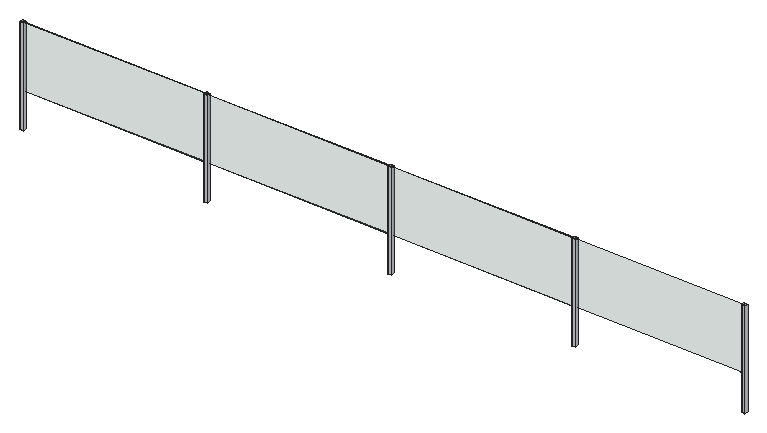
Revit family "Ограждение_Панель_2D_3000", category Специальное оборудование, Revit 2019
Family settings
  Размер круглого соединителя = Использовать диаметр
  Тип детали = Нормальный
  При загрузке вырезать с полостями = Нет
  Общий = Нет
  Точка расчета площади = Нет
Parameters (values of type "Панель 3000_Под бетон_Столб 60х60")
  Ячейка 50х200 [instance] = not(Ячейка 50х150)  # no
  Ячейка 50х150 [instance] = yes
  Ширина столба = 60 mm
  Ширина резаной [instance] = if(not(Шаг последнего столба - Ширина столба > 0 mm), 1 mm, Шаг последнего столба - Ширина столба)  # 2760 mm
  Ширина панели = 3000 mm
  Ширина 1ой панели [instance] = if([built-in parameter 1001306] < Шаг столбов, 1 mm, Шаг столбов - Ширина столба)  # 3000 mm
  Шаг столбов [instance] = Ширина панели + Ширина столба  # 3060 mm
  Условное обозначение [instance] = no
  Толщина стенки столба [instance] = 2 mm
  Тип крепежа [instance] = 2
  С фланцем под В.О. = not(or(Под бетонирование, С фланцем))  # no
  С фланцем = no
  Показать последний [instance] = yes
  Показать первый [instance] = yes
  Шаг последнего столба [instance] = if(if(not([built-in parameter 1001306] > Шаг столбов), [built-in parameter 1001306], [built-in parameter 1001306] - (rounddown([built-in parameter 1001306] / Шаг столбов) * Шаг столбов)) = 0 mm, Шаг столбов, if(not([built-in parameter 1001306] > Шаг столбов), [built-in parameter 1001306], [built-in parameter 1001306] - (rounddown([built-in parameter 1001306] / Шаг столбов) * Шаг столбов)))  # 2820 mm
  Расчёт ячейки [instance] = if(Ячейка 50х150, 2, 0)  # 2
  Пруток D=5/5/5 мм [instance] = not(or([Пруток D=6/5/6 мм], [Пруток D=8/6/8 мм]))  # no
  Пруток D=8/6/8 мм [instance] = yes
  Пруток D=6/5/6 мм [instance] = no
  Показать средний столб [instance] = N панелей = 2  # no
  Под насадку [instance] = no
  Под бетонирование = yes
  Отступ панели от основания = 70 mm
  Отступ панели = Ширина столба / 2  # 30 mm
  Инструкция [instance] = "https://docs.google.com/document/d/1cgSF_IfOaOTu5MFLm1FJjP0ckfTazc0ioWqhE0ocsXY/edit#heading=h.lw4uecg53g9n"
  Изготовитель = [ADSK_Завод-изготовитель]  # "FENSYS"
  built-in parameter 1001306 [instance] = 12000 mm
  Диаметр сваи [instance] = 57 mm
  Группа модели = "Ограждение"  # constant formula
  Глубина столба = 60 mm
  Высота столба [instance] = Отступ панели от основания + Высота панели  # 1100 mm
  Высота сваи [instance] = 1000 mm
  Высота панели [instance] = 1030 mm
  Расчет D прутка [instance] = if([Пруток D=6/5/6 мм], 1, if([Пруток D=8/6/8 мм], 2, 0))  # 2
  Выбор типа основания [instance] = if(Под бетонирование, 1, if(С фланцем, 2, 0))  # 1
  Видимость массива столбов [instance] = N панелей > 2  # yes
  Видимость массива панелей [instance] = N панелей > 2  # yes
  Видимость 1ой панели [instance] = N панелей = 2  # no
  URL = "https://www.fensys.ru/oprosnyy-list/"
  N столбов в массиве [instance] = if((N панелей - 1) < 2, 2, N панелей - 1)  # 3
  N панелей в массиве [instance] = if(N панелей > 2, N панелей - 1, 2)  # 3
  N панелей [instance] = if([built-in parameter 1001306] > Шаг столбов, roundup([built-in parameter 1001306] / Шаг столбов), 1)  # 4
  ADSK_Размер_Длина [instance] = [built-in parameter 1001306]  # 12000 mm
  Наименование = "Ограждение - Панель 3000_Под бетон_Столб 60х60"
  ADSK_Завод-изготовитель = "FENSYS"  # constant formula
  ADSK_Единица измерения = "м."  # constant formula
Types (9, lengths in mm): name | Ширина столба | Ширина резаной | Шаг столбов | С фланцем под В.О. | С фланцем | Шаг последнего столба | Под бетонирование | Отступ панели | Глубина столба | Выбор типа основания | Наименование
  Панель 3000_Под винт_Столб 60х60 | 60 | 2760 | 3060 | yes | no | 2820 | no | 30 | 60 | 0 | "Ограждение - Панель 3000_Под винт_Столб 60х60"
  Панель 3000_Под бетон_Столб 80х80 | 80 | 2680 | 3080 | no | no | 2760 | yes | 40 | 80 | 1 | "Ограждение - Панель 3000_Под бетон_Столб 80х80"
  Панель 3000_Под бетон_Столб 60х60 | 60 | 2760 | 3060 | no | no | 2820 | yes | 30 | 60 | 1 | "Ограждение - Панель 3000_Под бетон_Столб 60х60"
  Панель 3000_Фланцевое крепление_Столб 80х80 | 80 | 2680 | 3080 | no | yes | 2760 | no | 40 | 80 | 2 | "Ограждение - Панель 3000_Фланцевое крепление_Столб 80х80"
  Панель 3000_Фланцевое крепление_Столб 60х60 | 60 | 2760 | 3060 | no | yes | 2820 | no | 30 | 60 | 2 | "Ограждение - Панель 3000_Фланцевое крепление_Столб 60х60"
  Панель 3000_Под бетон_Столб 60х80 | 60 | 2760 | 3060 | no | no | 2820 | yes | 30 | 80 | 1 | "Ограждение - Панель 3000_Под бетон_Столб 60х80"
  Панель 3000_Под винт_Столб 60х80 | 60 | 2760 | 3060 | yes | no | 2820 | no | 30 | 80 | 0 | "Ограждение - Панель 3000_Под винт_Столб 60х80"
  Панель 3000_Фланцевое крепление_Столб 60х80 | 60 | 2760 | 3060 | no | yes | 2820 | no | 30 | 80 | 2 | "Ограждение - Панель 3000_Фланцевое крепление_Столб 60х80"
  Панель 3000_Под винт_Столб 80х80 | 80 | 2680 | 3080 | yes | no | 2760 | no | 40 | 80 | 0 | "Ограждение - Панель 3000_Под винт_Столб 80х80"
Reference planes
  plane 1 "По центру (Вперед/Назад)": y = 0
  plane 2: z = 0
  plane 3 "Слева": x = 0
  plane 4 "Справа": x = 12000
  plane 5 "Верх стойки": z = 1100
  plane 6: x = 3060
  plane 7: x = 6120
  plane 8 "ось предпоследнего столба": x = 9180
Lines and regions (mm)
  reference lines
    curve 1: line (0, 0, 0) -> (12000, 0, 0)
Dimensions and locks
  "built-in parameter 1001306": plane 3 "Слева" to plane 4 "Справа"
  "Высота столба": plane 5 "Верх стойки" to level
  equal spacing: group 1, group 2, group 5  (x3)
  "Шаг столбов": plane 3 "Слева" to plane 6
  "Шаг столбов": plane 6 to plane 7
  "Шаг последнего столба": plane 8 "ось предпоследнего столба" to plane 4 "Справа"
  equal spacing: group 3, group 4, group 6  (x3)
  aligned and locked: plane 4 "Справа" to curve 1
  aligned and locked: plane 1 "По центру (Вперед/Назад)" to curve 1
  aligned and locked: plane 3 "Слева" to curve 1
  aligned and locked: level to plane 2
  aligned and locked: plane 3 "Слева" to nested 1
  aligned and locked: plane 1 "По центру (Вперед/Назад)" to nested 1
  aligned and locked: plane 6 to nested 2
  aligned and locked: curve 1 to nested 2
  aligned and locked: curve 1 to nested 3
  aligned and locked: plane 4 "Справа" to nested 3
  aligned and locked: plane 3 "Слева" to nested 5
  aligned and locked: plane 6 to nested 6
  aligned and locked: plane 7 to nested 7
  aligned and locked: plane 1 "По центру (Вперед/Назад)" to nested 5
  aligned and locked: plane 1 "По центру (Вперед/Назад)" to nested 6
  aligned and locked: plane 1 "По центру (Вперед/Назад)" to nested 7
  aligned and locked: curve 1 to nested 8
  aligned and locked: plane 1 "По центру (Вперед/Назад)" to nested 8
  aligned and locked: plane 6 to nested 9
  aligned and locked: plane 8 "ось предпоследнего столба" to nested 4
  aligned and locked: plane 3 "Слева" to nested 8
Nested families
  nested 1: "В_Столб" at (0, 0, 0), visible <- "Показать первый", ADSK_Размер_Толщина стенки <- "Толщина стенки столба", ADSK_Размер_Глубина <- "Глубина столба", Диаметр сваи <- "Диаметр сваи", Высота сваи <- "Высота сваи", Под бетонирование <- "Под бетонирование", С фланцем <- "С фланцем", С фланцем под в.о. <- "С фланцем под В.О.", ADSK_Размер_Ширина <- "Ширина столба", ADSK_Комплект <- "Группа модели", Под насадку <- "Под насадку", Тип крепежа <- "Тип крепежа", Условное обозначение <- "Условное обозначение", Высота забора <- "Высота столба", type "Столб"
    with Условное обозначение no, Тип крепежа 2, Таблица "Столб новый", С фланцем под в.о. no, С фланцем no, Под насадку число 1, Под насадку no, Под бетонирование yes, Ограничитель крепежа 2, Крепеж в массиве 2, Длина под бетонирование 500 mm, Диаметр сваи 57 mm, Высота сваи 1000 mm, Высота забора 1100 mm, Выбор типа крепления 1, N крепежа в массиве 2, ADSK_Размер_Ширина 60 mm, ADSK_Размер_Толщина стенки 2 mm, ADSK_Размер_Глубина 60 mm, ADSK_Размер_Высота 1100 mm, ADSK_Обозначение "SI", Наименование "Столб ограждения (под насадку): профиль 60x60x2 мм, L= 1100 мм, под бетонирование", BS_Масса_Число 3.9, ADSK_Комплект "Ограждение", ADSK_Код изделия "18304N"
  nested 2: "В_Столб" at (3060, 0, 0), visible <- "Показать средний столб", ADSK_Размер_Толщина стенки <- "Толщина стенки столба", ADSK_Размер_Глубина <- "Глубина столба", Диаметр сваи <- "Диаметр сваи", Высота сваи <- "Высота сваи", Под бетонирование <- "Под бетонирование", С фланцем <- "С фланцем", С фланцем под в.о. <- "С фланцем под В.О.", ADSK_Размер_Ширина <- "Ширина столба", ADSK_Комплект <- "Группа модели", Под насадку <- "Под насадку", Тип крепежа <- "Тип крепежа", Условное обозначение <- "Условное обозначение", Высота забора <- "Высота столба", type "Столб"
    with Условное обозначение no, Тип крепежа 2, Таблица "Столб новый", С фланцем под в.о. no, С фланцем no, Под насадку число 1, Под насадку no, Под бетонирование yes, Ограничитель крепежа 2, Крепеж в массиве 2, Длина под бетонирование 500 mm, Диаметр сваи 57 mm, Высота сваи 1000 mm, Высота забора 1100 mm, Выбор типа крепления 1, N крепежа в массиве 2, ADSK_Размер_Ширина 60 mm, ADSK_Размер_Толщина стенки 2 mm, ADSK_Размер_Глубина 60 mm, ADSK_Размер_Высота 1100 mm, ADSK_Обозначение "SI", Наименование "Столб ограждения (под насадку): профиль 60x60x2 мм, L= 1100 мм, под бетонирование", BS_Масса_Число 3.9, ADSK_Комплект "Ограждение", ADSK_Код изделия "18304N"
  nested 3: "В_Столб" at (12000, 0, 0), visible <- "Показать последний", ADSK_Размер_Толщина стенки <- "Толщина стенки столба", ADSK_Размер_Глубина <- "Глубина столба", Диаметр сваи <- "Диаметр сваи", Высота сваи <- "Высота сваи", Под бетонирование <- "Под бетонирование", С фланцем <- "С фланцем", С фланцем под в.о. <- "С фланцем под В.О.", ADSK_Размер_Ширина <- "Ширина столба", ADSK_Комплект <- "Группа модели", Под насадку <- "Под насадку", Тип крепежа <- "Тип крепежа", Условное обозначение <- "Условное обозначение", Высота забора <- "Высота столба", type "Столб"
    with Условное обозначение no, Тип крепежа 2, Таблица "Столб новый", С фланцем под в.о. no, С фланцем no, Под насадку число 1, Под насадку no, Под бетонирование yes, Ограничитель крепежа 2, Крепеж в массиве 2, Длина под бетонирование 500 mm, Диаметр сваи 57 mm, Высота сваи 1000 mm, Высота забора 1100 mm, Выбор типа крепления 1, N крепежа в массиве 2, ADSK_Размер_Ширина 60 mm, ADSK_Размер_Толщина стенки 2 mm, ADSK_Размер_Глубина 60 mm, ADSK_Размер_Высота 1100 mm, ADSK_Обозначение "SI", Наименование "Столб ограждения (под насадку): профиль 60x60x2 мм, L= 1100 мм, под бетонирование", BS_Масса_Число 3.9, ADSK_Комплект "Ограждение", ADSK_Код изделия "18304N"
  nested 4: "В_Панель_2D" at (9180, 0, 0), ADSK_Размер_Высота <- "Высота панели", Отступ панели от основания <- "Отступ панели от основания", Отступ панели <- "Отступ панели", Размер ячейки <- "Расчёт ячейки", Размер прутка <- "Расчет D прутка", ADSK_Размер_Ширина <- "Ширина резаной", Тип крепежа <- "Тип крепежа", ADSK_Комплект <- "Группа модели", type "Панель 2500"
    with Тип крепежа 2, Расчетная длина 2820 mm, Размер ячейки 2, Размер прутка 2, Отступ панели от основания 70 mm, Отступ панели 30 mm, ADSK_Размер_Ширина 2760 mm, ADSK_Размер_Высота 1030 mm, ADSK_Примечание "", ADSK_Обозначение "GUARD-T", Наименование "Панель под подрезку", BS_Масса_Число 0, ADSK_Комплект "Ограждение", ADSK_Код изделия " "
  nested 5: "В_Панель_2D" at (0, 0, 0), ADSK_Размер_Высота <- "Высота панели", Отступ панели от основания <- "Отступ панели от основания", Отступ панели <- "Отступ панели", visible <- "Видимость массива панелей", Размер ячейки <- "Расчёт ячейки", Размер прутка <- "Расчет D прутка", Тип крепежа <- "Тип крепежа", ADSK_Комплект <- "Группа модели", ADSK_Размер_Ширина <- "Ширина панели", type "Панель 2500"
    with Тип крепежа 2, Расчетная длина 3060 mm, Размер ячейки 2, Размер прутка 2, Отступ панели от основания 70 mm, Отступ панели 30 mm, ADSK_Размер_Ширина 3000 mm, ADSK_Размер_Высота 1030 mm, ADSK_Примечание "", ADSK_Обозначение "GUARD-T", Наименование "Панель серии 2D: HxW (высота х ширина) 1030x3000 мм, пруток D=8/6/8 мм, ячейка = 50х150", BS_Масса_Число 32, ADSK_Комплект "Ограждение", ADSK_Код изделия "21892"
  nested 6: "В_Столб" at (3060, 0, 0), visible <- "Видимость массива столбов", ADSK_Размер_Толщина стенки <- "Толщина стенки столба", ADSK_Размер_Глубина <- "Глубина столба", Диаметр сваи <- "Диаметр сваи", Высота сваи <- "Высота сваи", Под бетонирование <- "Под бетонирование", С фланцем <- "С фланцем", С фланцем под в.о. <- "С фланцем под В.О.", ADSK_Размер_Ширина <- "Ширина столба", ADSK_Комплект <- "Группа модели", Под насадку <- "Под насадку", Тип крепежа <- "Тип крепежа", Условное обозначение <- "Условное обозначение", Высота забора <- "Высота столба", type "Столб"
    with Условное обозначение no, Тип крепежа 2, Таблица "Столб новый", С фланцем под в.о. no, С фланцем no, Под насадку число 1, Под насадку no, Под бетонирование yes, Ограничитель крепежа 2, Крепеж в массиве 2, Длина под бетонирование 500 mm, Диаметр сваи 57 mm, Высота сваи 1000 mm, Высота забора 1100 mm, Выбор типа крепления 1, N крепежа в массиве 2, ADSK_Размер_Ширина 60 mm, ADSK_Размер_Толщина стенки 2 mm, ADSK_Размер_Глубина 60 mm, ADSK_Размер_Высота 1100 mm, ADSK_Обозначение "SI", Наименование "Столб ограждения (под насадку): профиль 60x60x2 мм, L= 1100 мм, под бетонирование", BS_Масса_Число 3.9, ADSK_Комплект "Ограждение", ADSK_Код изделия "18304N"
  nested 7: "В_Столб" at (6120, 0, 0), visible <- "Видимость массива столбов", ADSK_Размер_Толщина стенки <- "Толщина стенки столба", ADSK_Размер_Глубина <- "Глубина столба", Диаметр сваи <- "Диаметр сваи", Высота сваи <- "Высота сваи", Под бетонирование <- "Под бетонирование", С фланцем <- "С фланцем", С фланцем под в.о. <- "С фланцем под В.О.", ADSK_Размер_Ширина <- "Ширина столба", ADSK_Комплект <- "Группа модели", Под насадку <- "Под насадку", Тип крепежа <- "Тип крепежа", Условное обозначение <- "Условное обозначение", Высота забора <- "Высота столба", type "Столб"
    with Условное обозначение no, Тип крепежа 2, Таблица "Столб новый", С фланцем под в.о. no, С фланцем no, Под насадку число 1, Под насадку no, Под бетонирование yes, Ограничитель крепежа 2, Крепеж в массиве 2, Длина под бетонирование 500 mm, Диаметр сваи 57 mm, Высота сваи 1000 mm, Высота забора 1100 mm, Выбор типа крепления 1, N крепежа в массиве 2, ADSK_Размер_Ширина 60 mm, ADSK_Размер_Толщина стенки 2 mm, ADSK_Размер_Глубина 60 mm, ADSK_Размер_Высота 1100 mm, ADSK_Обозначение "SI", Наименование "Столб ограждения (под насадку): профиль 60x60x2 мм, L= 1100 мм, под бетонирование", BS_Масса_Число 3.9, ADSK_Комплект "Ограждение", ADSK_Код изделия "18304N"
  nested 8: "В_Панель_2D" at (0, 0, 0), ADSK_Размер_Высота <- "Высота панели", Отступ панели от основания <- "Отступ панели от основания", Отступ панели <- "Отступ панели", visible <- "Видимость 1ой панели", Размер ячейки <- "Расчёт ячейки", Размер прутка <- "Расчет D прутка", Тип крепежа <- "Тип крепежа", ADSK_Комплект <- "Группа модели", ADSK_Размер_Ширина <- "Ширина 1ой панели", type "Панель 2500"
    with Тип крепежа 2, Расчетная длина 3060 mm, Размер ячейки 2, Размер прутка 2, Отступ панели от основания 70 mm, Отступ панели 30 mm, ADSK_Размер_Ширина 3000 mm, ADSK_Размер_Высота 1030 mm, ADSK_Примечание "", ADSK_Обозначение "GUARD-T", Наименование "Панель серии 2D: HxW (высота х ширина) 1030x3000 мм, пруток D=8/6/8 мм, ячейка = 50х150", BS_Масса_Число 32, ADSK_Комплект "Ограждение", ADSK_Код изделия "21892"
  nested 9: "В_Панель_2D" at (3060, 0, 0), ADSK_Размер_Высота <- "Высота панели", Отступ панели от основания <- "Отступ панели от основания", Отступ панели <- "Отступ панели", visible <- "Видимость массива панелей", Размер ячейки <- "Расчёт ячейки", Размер прутка <- "Расчет D прутка", Тип крепежа <- "Тип крепежа", ADSK_Комплект <- "Группа модели", ADSK_Размер_Ширина <- "Ширина панели", type "Панель 2500"
    with Тип крепежа 2, Расчетная длина 3060 mm, Размер ячейки 2, Размер прутка 2, Отступ панели от основания 70 mm, Отступ панели 30 mm, ADSK_Размер_Ширина 3000 mm, ADSK_Размер_Высота 1030 mm, ADSK_Примечание "", ADSK_Обозначение "GUARD-T", Наименование "Панель серии 2D: HxW (высота х ширина) 1030x3000 мм, пруток D=8/6/8 мм, ячейка = 50х150", BS_Масса_Число 32, ADSK_Комплект "Ограждение", ADSK_Код изделия "21892"
  nested 10: "В_Столб" at (9180, 0, 0), visible <- "Видимость массива столбов", ADSK_Размер_Толщина стенки <- "Толщина стенки столба", ADSK_Размер_Глубина <- "Глубина столба", Диаметр сваи <- "Диаметр сваи", Высота сваи <- "Высота сваи", Под бетонирование <- "Под бетонирование", С фланцем <- "С фланцем", С фланцем под в.о. <- "С фланцем под В.О.", ADSK_Размер_Ширина <- "Ширина столба", ADSK_Комплект <- "Группа модели", Под насадку <- "Под насадку", Тип крепежа <- "Тип крепежа", Условное обозначение <- "Условное обозначение", Высота забора <- "Высота столба", type "Столб"
    with Условное обозначение no, Тип крепежа 2, Таблица "Столб новый", С фланцем под в.о. no, С фланцем no, Под насадку число 1, Под насадку no, Под бетонирование yes, Ограничитель крепежа 2, Крепеж в массиве 2, Длина под бетонирование 500 mm, Диаметр сваи 57 mm, Высота сваи 1000 mm, Высота забора 1100 mm, Выбор типа крепления 1, N крепежа в массиве 2, ADSK_Размер_Ширина 60 mm, ADSK_Размер_Толщина стенки 2 mm, ADSK_Размер_Глубина 60 mm, ADSK_Размер_Высота 1100 mm, ADSK_Обозначение "SI", Наименование "Столб ограждения (под насадку): профиль 60x60x2 мм, L= 1100 мм, под бетонирование", BS_Масса_Число 3.9, ADSK_Комплект "Ограждение", ADSK_Код изделия "18304N"
  nested 11: "В_Панель_2D" at (6120, 0, 0), ADSK_Размер_Высота <- "Высота панели", Отступ панели от основания <- "Отступ панели от основания", Отступ панели <- "Отступ панели", visible <- "Видимость массива панелей", Размер ячейки <- "Расчёт ячейки", Размер прутка <- "Расчет D прутка", Тип крепежа <- "Тип крепежа", ADSK_Комплект <- "Группа модели", ADSK_Размер_Ширина <- "Ширина панели", type "Панель 2500"
    with Тип крепежа 2, Расчетная длина 3060 mm, Размер ячейки 2, Размер прутка 2, Отступ панели от основания 70 mm, Отступ панели 30 mm, ADSK_Размер_Ширина 3000 mm, ADSK_Размер_Высота 1030 mm, ADSK_Примечание "", ADSK_Обозначение "GUARD-T", Наименование "Панель серии 2D: HxW (высота х ширина) 1030x3000 мм, пруток D=8/6/8 мм, ячейка = 50х150", BS_Масса_Число 32, ADSK_Комплект "Ограждение", ADSK_Код изделия "21892"
  nested 12: "В_Крепеж" at (0, 0, 1065), type "Крепеж"
    with Ширина столба 0 mm, Тип крепежа 2, Путь к таблице "Таблица крепежей", Видимость метизов yes, Y насадка no, ADSK_Обозначение "Крепеж", Наименование "Скоба F50", ADSK_Комплект "Ограждение", ADSK_Количество 1, ADSK_Код изделия "8903K"
  nested 13: "В_Крепеж" at (0, 0, 104.903), type "Крепеж"
    with Ширина столба 0 mm, Тип крепежа 2, Путь к таблице "Таблица крепежей", Видимость метизов yes, Y насадка no, ADSK_Обозначение "Крепеж", Наименование "Скоба F50", ADSK_Комплект "Ограждение", ADSK_Количество 1, ADSK_Код изделия "8903K"
  nested 14: "В_Крепеж" at (3060, 0, 1065), type "Крепеж"
    with Ширина столба 0 mm, Тип крепежа 2, Путь к таблице "Таблица крепежей", Видимость метизов yes, Y насадка no, ADSK_Обозначение "Крепеж", Наименование "Скоба F50", ADSK_Комплект "Ограждение", ADSK_Количество 1, ADSK_Код изделия "8903K"
  nested 15: "В_Крепеж" at (3060, 0, 104.903), type "Крепеж"
    with Ширина столба 0 mm, Тип крепежа 2, Путь к таблице "Таблица крепежей", Видимость метизов yes, Y насадка no, ADSK_Обозначение "Крепеж", Наименование "Скоба F50", ADSK_Комплект "Ограждение", ADSK_Количество 1, ADSK_Код изделия "8903K"
  nested 16: "В_Крепеж" at (12000, 0, 1065), type "Крепеж"
    with Ширина столба 0 mm, Тип крепежа 2, Путь к таблице "Таблица крепежей", Видимость метизов yes, Y насадка no, ADSK_Обозначение "Крепеж", Наименование "Скоба F50", ADSK_Комплект "Ограждение", ADSK_Количество 1, ADSK_Код изделия "8903K"
  nested 17: "В_Крепеж" at (12000, 0, 104.903), type "Крепеж"
    with Ширина столба 0 mm, Тип крепежа 2, Путь к таблице "Таблица крепежей", Видимость метизов yes, Y насадка no, ADSK_Обозначение "Крепеж", Наименование "Скоба F50", ADSK_Комплект "Ограждение", ADSK_Количество 1, ADSK_Код изделия "8903K"
  nested 18: "В_Крепеж" at (3060, 0, 1065), type "Крепеж"
    with Ширина столба 0 mm, Тип крепежа 2, Путь к таблице "Таблица крепежей", Видимость метизов yes, Y насадка no, ADSK_Обозначение "Крепеж", Наименование "Скоба F50", ADSK_Комплект "Ограждение", ADSK_Количество 1, ADSK_Код изделия "8903K"
  nested 19: "В_Крепеж" at (3060, 0, 104.903), type "Крепеж"
    with Ширина столба 0 mm, Тип крепежа 2, Путь к таблице "Таблица крепежей", Видимость метизов yes, Y насадка no, ADSK_Обозначение "Крепеж", Наименование "Скоба F50", ADSK_Комплект "Ограждение", ADSK_Количество 1, ADSK_Код изделия "8903K"
  nested 20: "В_Крепеж" at (6120, 0, 1065), type "Крепеж"
    with Ширина столба 0 mm, Тип крепежа 2, Путь к таблице "Таблица крепежей", Видимость метизов yes, Y насадка no, ADSK_Обозначение "Крепеж", Наименование "Скоба F50", ADSK_Комплект "Ограждение", ADSK_Количество 1, ADSK_Код изделия "8903K"
  nested 21: "В_Крепеж" at (6120, 0, 104.903), type "Крепеж"
    with Ширина столба 0 mm, Тип крепежа 2, Путь к таблице "Таблица крепежей", Видимость метизов yes, Y насадка no, ADSK_Обозначение "Крепеж", Наименование "Скоба F50", ADSK_Комплект "Ограждение", ADSK_Количество 1, ADSK_Код изделия "8903K"
  nested 22: "В_Крепеж" at (9180, 0, 1065), type "Крепеж"
    with Ширина столба 0 mm, Тип крепежа 2, Путь к таблице "Таблица крепежей", Видимость метизов yes, Y насадка no, ADSK_Обозначение "Крепеж", Наименование "Скоба F50", ADSK_Комплект "Ограждение", ADSK_Количество 1, ADSK_Код изделия "8903K"
  nested 23: "В_Крепеж" at (9180, 0, 104.903), type "Крепеж"
    with Ширина столба 0 mm, Тип крепежа 2, Путь к таблице "Таблица крепежей", Видимость метизов yes, Y насадка no, ADSK_Обозначение "Крепеж", Наименование "Скоба F50", ADSK_Комплект "Ограждение", ADSK_Количество 1, ADSK_Код изделия "8903K"
  nested 24: "В_Метизы" at (20, 0, 1065), type "Метизы"
    with Тип крепежа 2, Путь к таблице "Таблица метизов", Наименование "Комплект метизов «В» для крепления скобы из нержавеющей стали (Винт М8х30 ISO 7380 А2   - 4 шт., Шайба D8 DIN 125 А2-70 - 4 шт.,Шайба 8 DIN 127 нерж.)", ADSK_Комплект "Ограждение", ADSK_Количество 1, ADSK_Код изделия "8923"
  nested 25: "В_Метизы" at (20, 0, 104.903), type "Метизы"
    with Тип крепежа 2, Путь к таблице "Таблица метизов", Наименование "Комплект метизов «В» для крепления скобы из нержавеющей стали (Винт М8х30 ISO 7380 А2   - 4 шт., Шайба D8 DIN 125 А2-70 - 4 шт.,Шайба 8 DIN 127 нерж.)", ADSK_Комплект "Ограждение", ADSK_Количество 1, ADSK_Код изделия "8923"
  nested 26: "В_Метизы" at (3080, 0, 1065), type "Метизы"
    with Тип крепежа 2, Путь к таблице "Таблица метизов", Наименование "Комплект метизов «В» для крепления скобы из нержавеющей стали (Винт М8х30 ISO 7380 А2   - 4 шт., Шайба D8 DIN 125 А2-70 - 4 шт.,Шайба 8 DIN 127 нерж.)", ADSK_Комплект "Ограждение", ADSK_Количество 1, ADSK_Код изделия "8923"
  nested 27: "В_Метизы" at (3080, 0, 104.903), type "Метизы"
    with Тип крепежа 2, Путь к таблице "Таблица метизов", Наименование "Комплект метизов «В» для крепления скобы из нержавеющей стали (Винт М8х30 ISO 7380 А2   - 4 шт., Шайба D8 DIN 125 А2-70 - 4 шт.,Шайба 8 DIN 127 нерж.)", ADSK_Комплект "Ограждение", ADSK_Количество 1, ADSK_Код изделия "8923"
  nested 28: "В_Метизы" at (12020, 0, 1065), type "Метизы"
    with Тип крепежа 2, Путь к таблице "Таблица метизов", Наименование "Комплект метизов «В» для крепления скобы из нержавеющей стали (Винт М8х30 ISO 7380 А2   - 4 шт., Шайба D8 DIN 125 А2-70 - 4 шт.,Шайба 8 DIN 127 нерж.)", ADSK_Комплект "Ограждение", ADSK_Количество 1, ADSK_Код изделия "8923"
  nested 29: "В_Метизы" at (12020, 0, 104.903), type "Метизы"
    with Тип крепежа 2, Путь к таблице "Таблица метизов", Наименование "Комплект метизов «В» для крепления скобы из нержавеющей стали (Винт М8х30 ISO 7380 А2   - 4 шт., Шайба D8 DIN 125 А2-70 - 4 шт.,Шайба 8 DIN 127 нерж.)", ADSK_Комплект "Ограждение", ADSK_Количество 1, ADSK_Код изделия "8923"
  nested 30: "В_Метизы" at (9200, 0, 1065), type "Метизы"
    with Тип крепежа 2, Путь к таблице "Таблица метизов", Наименование "Комплект метизов «В» для крепления скобы из нержавеющей стали (Винт М8х30 ISO 7380 А2   - 4 шт., Шайба D8 DIN 125 А2-70 - 4 шт.,Шайба 8 DIN 127 нерж.)", ADSK_Комплект "Ограждение", ADSK_Количество 1, ADSK_Код изделия "8923"
  nested 31: "В_Метизы" at (9200, 0, 104.903), type "Метизы"
    with Тип крепежа 2, Путь к таблице "Таблица метизов", Наименование "Комплект метизов «В» для крепления скобы из нержавеющей стали (Винт М8х30 ISO 7380 А2   - 4 шт., Шайба D8 DIN 125 А2-70 - 4 шт.,Шайба 8 DIN 127 нерж.)", ADSK_Комплект "Ограждение", ADSK_Количество 1, ADSK_Код изделия "8923"
  nested 32: "В_Метизы" at (3080, 0, 1065), type "Метизы"
    with Тип крепежа 2, Путь к таблице "Таблица метизов", Наименование "Комплект метизов «В» для крепления скобы из нержавеющей стали (Винт М8х30 ISO 7380 А2   - 4 шт., Шайба D8 DIN 125 А2-70 - 4 шт.,Шайба 8 DIN 127 нерж.)", ADSK_Комплект "Ограждение", ADSK_Количество 1, ADSK_Код изделия "8923"
  nested 33: "В_Метизы" at (3080, 0, 104.903), type "Метизы"
    with Тип крепежа 2, Путь к таблице "Таблица метизов", Наименование "Комплект метизов «В» для крепления скобы из нержавеющей стали (Винт М8х30 ISO 7380 А2   - 4 шт., Шайба D8 DIN 125 А2-70 - 4 шт.,Шайба 8 DIN 127 нерж.)", ADSK_Комплект "Ограждение", ADSK_Количество 1, ADSK_Код изделия "8923"
  nested 34: "В_Метизы" at (6140, 0, 1065), type "Метизы"
    with Тип крепежа 2, Путь к таблице "Таблица метизов", Наименование "Комплект метизов «В» для крепления скобы из нержавеющей стали (Винт М8х30 ISO 7380 А2   - 4 шт., Шайба D8 DIN 125 А2-70 - 4 шт.,Шайба 8 DIN 127 нерж.)", ADSK_Комплект "Ограждение", ADSK_Количество 1, ADSK_Код изделия "8923"
  nested 35: "В_Метизы" at (6140, 0, 104.903), type "Метизы"
    with Тип крепежа 2, Путь к таблице "Таблица метизов", Наименование "Комплект метизов «В» для крепления скобы из нержавеющей стали (Винт М8х30 ISO 7380 А2   - 4 шт., Шайба D8 DIN 125 А2-70 - 4 шт.,Шайба 8 DIN 127 нерж.)", ADSK_Комплект "Ограждение", ADSK_Количество 1, ADSK_Код изделия "8923"
Definition of nested family "В_Столб"
  Parameters (values of type "Столб")
    Условное обозначение [instance] = yes
    Тип крепежа [instance] = 1
    Таблица [instance] = "Столб новый"  # constant formula
    С фланцем под в.о. [instance] = no
    С фланцем [instance] = no
    Под насадку число [instance] = 1  # constant formula
    Под насадку [instance] = no
    Под бетонирование [instance] = yes
    Ограничитель крепежа [instance] = if(Тип крепежа < 0, 0, if(Тип крепежа > 4, 4, Тип крепежа))  # 1
    Крепеж в массиве [instance] = if(Под насадку, if(Высота забора < 3030 mm, if(N крепежа в массиве < 2, 2, N крепежа в массиве), 5) - 1, if(Высота забора < 3030 mm, if(N крепежа в массиве < 2, 2, N крепежа в массиве), 5))  # 5
    Manufacturer = [ADSK_Завод-изготовитель]  # "FENSYS"
    Длина под бетонирование [instance] = if(Под бетонирование, 500 mm, 0 mm)  # 500 mm
    Высота сваи [instance] = 1000 mm
    Диаметр сваи [instance] = 56 mm
    Высота забора [instance] = 5000 mm
    Выбор типа крепления [instance] = if(Под бетонирование, 1, if(С фланцем, 2, 0))  # 1
    URL = "https://www.fensys.ru/produkciya/vintovye-opory_1.html"
    N крепежа в массиве [instance] = rounddown(Высота забора / 485 mm)  # 10
    ADSK_Размер_Ширина [instance] = 40 mm
    ADSK_Размер_Толщина стенки [instance] = 2 mm
    ADSK_Размер_Глубина [instance] = 60 mm
    ADSK_Размер_Высота [instance] = Высота забора  # 5000 mm
    ADSK_Обозначение [instance] = if(С фланцем, "SIT", if(С фланцем под в.о., "SITgs", "SI"))  # "SI"
    Наименование [instance] = size_lookup(Таблица, "", "Столб не найден, проверьте параметры", ADSK_Размер_Высота, ADSK_Размер_Ширина, ADSK_Размер_Глубина, ADSK_Размер_Толщина стенки, Выбор типа крепления, Под насадку число)  # "Столб ограждения (под насадку): профиль 40x60x2 мм, L= 5000 мм, под бетонирование"
    ADSK_Материал = none
    BS_Масса_Число [instance] = size_lookup(Таблица, "ADSK_Масса", 0, ADSK_Размер_Высота, ADSK_Размер_Ширина, ADSK_Размер_Глубина, ADSK_Размер_Толщина стенки, Выбор типа крепления)  # 14.5
    ADSK_Комплект [instance] = "Ограждение"
    ADSK_Код изделия [instance] = size_lookup(Таблица, "ADSK_Код изделия", "Код столба не найден, проверьте параметры", ADSK_Размер_Высота, ADSK_Размер_Ширина, ADSK_Размер_Глубина, ADSK_Размер_Толщина стенки, Выбор типа крепления, Под насадку число)  # "23187N"
    ADSK_Завод-изготовитель = "FENSYS"  # constant formula
    ADSK_Единица измерения = "шт."  # constant formula
  Reference planes
    plane 1 "По центру (Вперед/Назад)": y = 0
    plane 2: z = 0
    plane 3 "По центру (Влево/Вправо)": x = 0
    plane 4: z = 5000
    plane 5: x = -20
    plane 6: x = 20
    plane 7: y = 30
    plane 8: y = -30
    plane 9: z = -500
    plane 10: z = 5000
  Forms (mm)
    Extrusion 1, solid
      sketch origin (0, 0, 0) x (1, 0, 0) y (0, 1, 0)
        loop
          line (-20, 30) -> (-20, -30) -> (20, -30) -> (20, 30) -> (-20, 30)
        loop
          line (-18, 28) -> (-18, -28) -> (18, -28) -> (18, 28) -> (-18, 28)
      from -500 to 5000
  Dimensions and locks
    equal spacing: plane 5, plane 3 "По центру (Влево/Вправо)", plane 6
    "ADSK_Размер_Ширина": plane 5 to plane 6
    "ADSK_Размер_Глубина": plane 8 to plane 7
    equal spacing: plane 8, plane 1 "По центру (Вперед/Назад)", plane 7
    "ADSK_Размер_Толщина стенки": Extrusion 1 sketch curve to plane 6
    "ADSK_Размер_Толщина стенки": plane 8 to Extrusion 1 sketch curve
    "ADSK_Размер_Толщина стенки": plane 7 to Extrusion 1 sketch curve
    "ADSK_Размер_Толщина стенки": plane 5 to Extrusion 1 sketch curve
    plane 4 to plane 2 = 5000 mm
    "Длина под бетонирование": level to plane 9
    nested 2 to plane 2 = 104.903 mm
    equal spacing: group 1, group 3, group 4, group 5, group 2  (x3)
    locked: plane 10 to nested 3 at 35
    "Высота забора": level to plane 10
    aligned and locked: level to plane 2
    aligned and locked: plane 4 to Extrusion 1
    aligned and locked: plane 6 to Extrusion 1
    aligned and locked: plane 5 to Extrusion 1
    aligned and locked: plane 8 to Extrusion 1
    aligned and locked: plane 7 to Extrusion 1
    aligned and locked: plane 3 "По центру (Влево/Вправо)" to nested 1
    aligned and locked: plane 1 "По центру (Вперед/Назад)" to nested 1
    aligned and locked: Extrusion 1 to plane 9
    aligned and locked: plane 3 "По центру (Влево/Вправо)" to nested 2
    aligned and locked: plane 3 "По центру (Влево/Вправо)" to nested 4
    aligned and locked: nested 10 to plane 1 "По центру (Вперед/Назад)"
    aligned and locked: plane 4 to plane 10
  Automatic sketch dimensions
    Extrusion 1 sketch curve to plane 5 = 0 mm
    Extrusion 1 sketch curve to plane 6 = 0 mm
    plane 8 to Extrusion 1 sketch curve = 0 mm
    Extrusion 1 sketch curve to plane 7 = 0 mm
  Nested families
    nested 1: "В_Винтовая опора" at (0, 0, 0), Ширина столба <- "ADSK_Размер_Ширина", Глубина столба <- "ADSK_Размер_Глубина", Диаметр сваи <- "Диаметр сваи", visible <- "С фланцем под в.о.", Высота сваи <- "Высота сваи", ADSK_Комплект <- "ADSK_Комплект", type "Свая"
      with Ширина столба 40 mm, Путь к таблице "Опора имя", Диаметр сваи 56 mm, Глубина столба 60 mm, Высота сваи 1000 mm, Наименование "Свая не найдена, проверьте параметры", BS_Масса_Число 0, ADSK_Комплект "Ограждение", ADSK_Завод-изготовитель "FENSYS", ADSK_Единица измерения "шт."
    nested 2: "В_Крепеж" at (0, 0, 104.903), Тип крепежа <- "Ограничитель крепежа", ADSK_Комплект <- "ADSK_Комплект", type "Крепеж"
      with Ширина столба 0 mm, Тип крепежа 1, Путь к таблице "Таблица крепежей", Видимость метизов yes, Y насадка no, ADSK_Обозначение "Крепеж", Наименование "Скоба F24", ADSK_Комплект "Ограждение", ADSK_Количество 1, ADSK_Код изделия "15512K"
    nested 3: "В_Крепеж" at (0, 0, 4965), Тип крепежа <- "Ограничитель крепежа", ADSK_Комплект <- "ADSK_Комплект", type "Крепеж"
      with Ширина столба 0 mm, Тип крепежа 1, Путь к таблице "Таблица крепежей", Видимость метизов yes, Y насадка no, ADSK_Обозначение "Крепеж", Наименование "Скоба F24", ADSK_Комплект "Ограждение", ADSK_Количество 1, ADSK_Код изделия "15512K"
    nested 4: "В_Крепеж" at (0, 0, 1319.928), Тип крепежа <- "Ограничитель крепежа", ADSK_Комплект <- "ADSK_Комплект", type "Крепеж"
      with Ширина столба 0 mm, Тип крепежа 1, Путь к таблице "Таблица крепежей", Видимость метизов yes, Y насадка no, ADSK_Обозначение "Крепеж", Наименование "Скоба F24", ADSK_Комплект "Ограждение", ADSK_Количество 1, ADSK_Код изделия "15512K"
    nested 5: "В_Крепеж" at (0, 0, 2534.952), Тип крепежа <- "Ограничитель крепежа", ADSK_Комплект <- "ADSK_Комплект", type "Крепеж"
      with Ширина столба 0 mm, Тип крепежа 1, Путь к таблице "Таблица крепежей", Видимость метизов yes, Y насадка no, ADSK_Обозначение "Крепеж", Наименование "Скоба F24", ADSK_Комплект "Ограждение", ADSK_Количество 1, ADSK_Код изделия "15512K"
    nested 6: "В_Метизы" at (20, 0, 2534.952), type "Метизы"
      with Тип крепежа 1, Путь к таблице "Таблица метизов", Наименование "Комплект метизов «В» для крепления скобы F24 (Винт М6х30 ISO 7380 А2 - 4 шт., Шайба D6 DIN 125 А2 - 4 шт.,Шайба 6 DIN 127 А2 - 4 шт.)", ADSK_Комплект "Ограждение", ADSK_Количество 1, ADSK_Код изделия "8932"
    nested 7: "В_Метизы" at (20, 0, 104.903), type "Метизы"
      with Тип крепежа 1, Путь к таблице "Таблица метизов", Наименование "Комплект метизов «В» для крепления скобы F24 (Винт М6х30 ISO 7380 А2 - 4 шт., Шайба D6 DIN 125 А2 - 4 шт.,Шайба 6 DIN 127 А2 - 4 шт.)", ADSK_Комплект "Ограждение", ADSK_Количество 1, ADSK_Код изделия "8932"
    nested 8: "В_Метизы" at (20, 0, 4965), type "Метизы"
      with Тип крепежа 1, Путь к таблице "Таблица метизов", Наименование "Комплект метизов «В» для крепления скобы F24 (Винт М6х30 ISO 7380 А2 - 4 шт., Шайба D6 DIN 125 А2 - 4 шт.,Шайба 6 DIN 127 А2 - 4 шт.)", ADSK_Комплект "Ограждение", ADSK_Количество 1, ADSK_Код изделия "8932"
    nested 9: "В_Метизы" at (20, 0, 1319.928), type "Метизы"
      with Тип крепежа 1, Путь к таблице "Таблица метизов", Наименование "Комплект метизов «В» для крепления скобы F24 (Винт М6х30 ISO 7380 А2 - 4 шт., Шайба D6 DIN 125 А2 - 4 шт.,Шайба 6 DIN 127 А2 - 4 шт.)", ADSK_Комплект "Ограждение", ADSK_Количество 1, ADSK_Код изделия "8932"
    nested 10: "Типовая аннотация" at (0, 0, 0) x (0, 1, 0) z (0, 0, 1), visible <- "Условное обозначение", type "Типовая аннотация"
      with Ширина 8 mm, Высота 8 mm
    nested 11: "В_Крепеж" at (0, 0, 3749.976), Тип крепежа <- "Ограничитель крепежа", ADSK_Комплект <- "ADSK_Комплект", type "Крепеж"
      with Ширина столба 0 mm, Тип крепежа 1, Путь к таблице "Таблица крепежей", Видимость метизов yes, Y насадка no, ADSK_Обозначение "Крепеж", Наименование "Скоба F24", ADSK_Комплект "Ограждение", ADSK_Количество 1, ADSK_Код изделия "15512K"
    nested 12: "В_Метизы" at (20, 0, 3749.976), type "Метизы"
      with Тип крепежа 1, Путь к таблице "Таблица метизов", Наименование "Комплект метизов «В» для крепления скобы F24 (Винт М6х30 ISO 7380 А2 - 4 шт., Шайба D6 DIN 125 А2 - 4 шт.,Шайба 6 DIN 127 А2 - 4 шт.)", ADSK_Комплект "Ограждение", ADSK_Количество 1, ADSK_Код изделия "8932"
  Definition of nested family "В_Винтовая опора"
    Parameters (values of type "Свая")
      Ширина столба [instance] = 60 mm
      Путь к таблице [instance] = "Опора имя"  # constant formula
      Диаметр сваи [instance] = 57 mm
      Глубина столба [instance] = 60 mm
      Высота сваи [instance] = 1000 mm
      URL = "https://www.fensys.ru/produkciya/zabivnye-svai_1.html"
      Наименование [instance] = size_lookup(Путь к таблице, "", "Свая не найдена, проверьте параметры", Высота сваи, Диаметр сваи, Ширина столба, Глубина столба)  # "Винтовая опора 57х1000 фланец под столб 60х60"
      BS_Масса_Число [instance] = size_lookup(Путь к таблице, "ADSK_Масса", 0, Высота сваи, Диаметр сваи, Ширина столба, Глубина столба)  # 5.5
      ADSK_Комплект [instance] = "Ограждение"
      ADSK_Завод-изготовитель [instance] = "FENSYS"  # constant formula
      ADSK_Единица измерения [instance] = "шт."  # constant formula
    Reference planes
      plane 1 "По центру (Вперед/Назад)": y = 0
      plane 2: z = 0
      plane 3 "По центру (Влево/Вправо)": x = 0
      plane 4 "Низ сваи": z = -1000
    Forms (mm)
      Blend 1, solid
        base sketch origin (0, 0, 0) x (1, 0, 0) y (0, 1, 0)
          loop
            circle (0, 0) r 20
        top sketch origin (0, 0, 0) x (1, 0, 0) y (0, 1, 0)
          loop
            circle (0, 0) r 57
        from -1000 to 0
    Dimensions and locks
      "Высота сваи": level to plane 4 "Низ сваи"
      "Диаметр сваи": radius of Blend 1 sketch curve
      aligned and locked: level to plane 2
      aligned and locked: level to Blend 1
      aligned and locked: Blend 1 to level
      aligned and locked: Blend 1 to plane 4 "Низ сваи"
    Automatic sketch dimensions
      plane 1 "По центру (Вперед/Назад)" to Blend 1 sketch curve = 0 mm  (x2)
      Blend 1 sketch curve to plane 3 "По центру (Влево/Вправо)" = 0 mm  (x2)
      radius of Blend 1 sketch curve = 20 mm
  Definition of nested family "В_Крепеж"
    Parameters (values of type "Крепеж")
      Ширина столба [instance] = 0 mm
      Тип крепежа [instance] = 5
      Путь к таблице [instance] = "Таблица крепежей"  # constant formula
      Manufacturer = [ADSK_Завод-изготовитель]  # "FENSYS"
      Model = "Насадки"
      Видимость метизов [instance] = not(Тип крепежа = 5)  # no
      Y насадка [instance] = yes
      URL = "https://www.fensys.ru/produkciya/krepyozh.html"
      ADSK_Обозначение [instance] = "Крепеж"  # constant formula
      Наименование [instance] = size_lookup(Путь к таблице, "", "Не найдено", Тип крепежа)  # "Комплект крепления СББ/ПББ к насадке (Болт М6х25 DIN 933 оц - 4 шт., Зажим для крепления струны/проволоки - 4 шт., Шайба D6 DIN 125 оц. - 8 шт.,  Гайка М6 кл.8.0 DIN 934 оц. - 4 шт.)"
      ADSK_Комплект [instance] = ""
      ADSK_Количество [instance] = 1  # constant formula
      ADSK_Код изделия [instance] = size_lookup(Путь к таблице, "ADSK_Код изделия", "Не найдено", Тип крепежа)  # "8927"
      ADSK_Завод-изготовитель = "FENSYS"  # constant formula
      ADSK_Единица измерения = "шт."  # constant formula
    Reference planes
      plane 1 "По центру (Вперед/Назад)": y = 0
      plane 2: z = 0
      plane 3 "По центру (Влево/Вправо)": x = 0
      plane 4: z = 0
    Forms (mm)
      Extrusion 1, solid
        sketch origin (0, -3, 0) x (1, 0, 0) y (0, 1, 0)
          loop
            line (-20, 5.5) -> (-20, 0.5) -> (20, 0.5) -> (20, 5.5) -> (-20, 5.5)
        from -4.311 to 4.311
    Dimensions and locks
      locked: Extrusion 1 sketch curve to Extrusion 1 sketch curve at 5
      locked: Extrusion 1 sketch curve to Extrusion 1 sketch curve at 40
      aligned and locked: level to plane 2
    Nested families
      nested 1: "В_Метизы" at (20, 0, 0), Тип крепежа <- "Тип крепежа", ADSK_Комплект <- "ADSK_Комплект", visible <- "Видимость метизов", type "Метизы"
        with Тип крепежа 5, Путь к таблице "Таблица метизов", Наименование "Комплект крепления СББ/ПББ к насадке (Болт М6х25 DIN 933 оц - 4 шт., Зажим для крепления струны/проволоки - 4 шт., Шайба D6 DIN 125 оц. - 8 шт.,  Гайка М6 кл.8.0 DIN 934 оц. - 4 шт.)", ADSK_Комплект "", ADSK_Количество 1, ADSK_Код изделия "8927"
      nested 2: "В_Метизы" at (-20, 0, 0), visible <- "Y насадка", Тип крепежа <- "Тип крепежа", ADSK_Комплект <- "ADSK_Комплект", type "Метизы"
        with Тип крепежа 5, Путь к таблице "Таблица метизов", Наименование "Комплект крепления СББ/ПББ к насадке (Болт М6х25 DIN 933 оц - 4 шт., Зажим для крепления струны/проволоки - 4 шт., Шайба D6 DIN 125 оц. - 8 шт.,  Гайка М6 кл.8.0 DIN 934 оц. - 4 шт.)", ADSK_Комплект "", ADSK_Количество 1, ADSK_Код изделия "8927"
    Definition of nested family "В_Метизы"
      Parameters (values of type "Метизы")
        Тип крепежа [instance] = 1
        Путь к таблице [instance] = "Таблица метизов"  # constant formula
        Manufacturer = [ADSK_Завод-изготовитель]  # "FENSYS"
        URL = "https://www.fensys.ru/produkciya/krepyozh.html"
        Наименование [instance] = size_lookup(Путь к таблице, "", "Не найдено", Тип крепежа)  # "Комплект метизов «В» для крепления скобы F24 (Винт М6х30 ISO 7380 А2 - 4 шт., Шайба D6 DIN 125 А2 - 4 шт.,Шайба 6 DIN 127 А2 - 4 шт.)"
        ADSK_Комплект [instance] = "Ограждение"
        ADSK_Количество [instance] = 1  # constant formula
        ADSK_Код изделия [instance] = size_lookup(Путь к таблице, "ADSK_Код изделия", "Не найдено", Тип крепежа)  # "8932"
        ADSK_Завод-изготовитель = "FENSYS"  # constant formula
        ADSK_Единица измерения = "шт."  # constant formula
      Reference planes
        plane 1 "По центру (Вперед/Назад)": y = 0
        plane 2: z = 0
        plane 3 "По центру (Влево/Вправо)": x = 0
        plane 4: z = 0
      Lines and regions (mm)
        reference lines
          curve 1: circle (0, 0, 0) r 0.299 normal (0, -1, 0)
        model lines
          curve 2: circle (0, 0, 0) r 0.3 normal (0, -1, 0)
      Dimensions and locks
        aligned and locked: level to plane 2
  Definition of nested family "В_Метизы"
    Parameters (values of type "Метизы")
      Тип крепежа [instance] = 1
      Путь к таблице [instance] = "Таблица метизов"  # constant formula
      Manufacturer = [ADSK_Завод-изготовитель]  # "FENSYS"
      URL = "https://www.fensys.ru/produkciya/krepyozh.html"
      Наименование [instance] = size_lookup(Путь к таблице, "", "Не найдено", Тип крепежа)  # "Комплект метизов «В» для крепления скобы F24 (Винт М6х30 ISO 7380 А2 - 4 шт., Шайба D6 DIN 125 А2 - 4 шт.,Шайба 6 DIN 127 А2 - 4 шт.)"
      ADSK_Комплект [instance] = "Ограждение"
      ADSK_Количество [instance] = 1  # constant formula
      ADSK_Код изделия [instance] = size_lookup(Путь к таблице, "ADSK_Код изделия", "Не найдено", Тип крепежа)  # "8932"
      ADSK_Завод-изготовитель = "FENSYS"  # constant formula
      ADSK_Единица измерения = "шт."  # constant formula
    Reference planes
      plane 1 "По центру (Вперед/Назад)": y = 0
      plane 2: z = 0
      plane 3 "По центру (Влево/Вправо)": x = 0
      plane 4: z = 0
    Lines and regions (mm)
      reference lines
        curve 1: circle (0, 0, 0) r 0.299 normal (0, -1, 0)
      model lines
        curve 2: circle (0, 0, 0) r 0.3 normal (0, -1, 0)
    Dimensions and locks
      aligned and locked: level to plane 2
  Definition of nested family "Типовая аннотация"
    Parameters (values of type "Типовая аннотация")
      Ширина [instance] = 10 mm
      Высота [instance] = 10 mm
    Reference planes
      plane 1: y = 0
      plane 2: x = 0
    Lines and regions (mm)
      detail lines
        curve 1: line (-5, 5, 0) -> (5, 5, 0)
        curve 2: line (-5, -5, 0) -> (-5, 5, 0)
        curve 3: line (5, -5, 0) -> (-5, -5, 0)
        curve 4: line (5, 5, 0) -> (5, -5, 0)
      reference lines
        curve 5: line (-5, 0, 0) -> (5, 0, 0)
        curve 6: line (0, -5, 0) -> (0, 5, 0)
        curve 7: line (5, -5, 0) -> (5, 5, 0)
        curve 8: line (-5, -5, 0) -> (-5, 5, 0)
        curve 9: line (5, 5, 0) -> (-5, 5, 0)
        curve 10: line (5, -5, 0) -> (-5, -5, 0)
    Dimensions and locks
      "Высота": curve 9 to curve 10
      "Ширина": curve 8 to curve 7
      equal spacing: curve 10, plane 1, curve 9
      equal spacing: curve 8, curve 6, curve 7
      aligned and locked: plane 1 to curve 5
      aligned and locked: plane 2 to curve 6
      aligned and locked: curve 8 to curve 2
      aligned and locked: curve 1 to curve 9
      aligned and locked: curve 4 to curve 7
      aligned and locked: curve 3 to curve 10
Definition of nested family "В_Панель_2D"
  Parameters (values of type "Панель")
    Толщина панели = 8 mm
    Тип крепежа [instance] = 0
    Таблица массы = "Панель_масса_2Д"  # constant formula
    Расчетная длина [instance] = ADSK_Размер_Ширина + Отступ панели * 2  # 3100 mm
    Размер ячейки [instance] = 2
    Размер прутка [instance] = 0
    Таблица поиска = "Панель_имя_2Д"  # constant formula
    Отступ панели от основания [instance] = 100 mm
    Отступ панели [instance] = 50 mm
    Manufacturer = [ADSK_Завод-изготовитель]  # "FENSYS"
    URL = "https://www.fensys.ru/produkciya/3d-zabory.html"
    ADSK_Размер_Ширина [instance] = 3000 mm
    ADSK_Размер_Высота [instance] = 1030 mm
    ADSK_Примечание [instance] = ""
    ADSK_Обозначение [instance] = if(Размер ячейки = 1, "GUARD-G", if(Размер ячейки = 2, "GUARD-T", "GUARD"))  # "GUARD-T"
    Наименование [instance] = size_lookup(Таблица поиска, "", "Панель под подрезку", ADSK_Размер_Ширина, ADSK_Размер_Высота, Размер ячейки, Размер прутка)  # "Панель серии 2D: HxW (высота х ширина) 1030x3000 мм, пруток D=5/5/5 мм, ячейка = 50х150"
    ADSK_Материал = none
    BS_Масса_Число [instance] = size_lookup(Таблица массы, "ADSK_Масса", 0, ADSK_Размер_Ширина, ADSK_Размер_Высота, Размер ячейки, Размер прутка)  # 15.8
    ADSK_Комплект [instance] = "Ограждение"
    ADSK_Код изделия [instance] = size_lookup(Таблица поиска, "ADSK_Код изделия", " ", ADSK_Размер_Ширина, ADSK_Размер_Высота, Размер ячейки, Размер прутка)  # "21829"
    ADSK_Завод-изготовитель = "FENSYS"  # constant formula
    ADSK_Единица измерения = "шт."  # constant formula
  Reference planes
    plane 1 "По центру (Вперед/Назад)": y = 0
    plane 2 "Низ панели": z = 0
    plane 3 "По центру (Влево/Вправо)": x = 0
    plane 4: x = 3050
    plane 5: x = 50
    plane 6: x = 3100
    plane 7: z = 100
    plane 8: y = -4
    plane 9: y = 4
    plane 10: z = 1130
  Forms (mm)
    Extrusion 1, solid, material <- "ADSK_Материал"
      sketch origin (0, 0, 0) x (1, 0, 0) y (0, 1, 0)
        loop
          line (50, 4) -> (50, -4) -> (3050, -4) -> (3050, 4) -> (50, 4)
      from 100 to 1130
  Dimensions and locks
    "ADSK_Размер_Ширина": plane 5 to plane 4
    "Отступ панели": plane 4 to plane 6
    "Отступ панели": plane 3 "По центру (Влево/Вправо)" to plane 5
    "Расчетная длина": plane 3 "По центру (Влево/Вправо)" to plane 6
    "Отступ панели от основания": plane 7 to level
    equal spacing: plane 8, plane 1 "По центру (Вперед/Назад)", plane 9
    "Толщина панели": plane 9 to plane 8
    "ADSK_Размер_Высота": plane 10 to plane 7
    aligned and locked: level to plane 2 "Низ панели"
    aligned and locked: Extrusion 1 sketch curve to plane 4
    aligned and locked: plane 5 to Extrusion 1 sketch curve
    aligned and locked: Extrusion 1 to plane 7
    aligned and locked: Extrusion 1 to plane 9
    aligned and locked: plane 8 to Extrusion 1
    aligned and locked: Extrusion 1 to plane 10
    aligned and locked: plane 7 to Extrusion 1
  Automatic sketch dimensions
    plane 8 to Extrusion 1 sketch curve = 0 mm
    plane 9 to Extrusion 1 sketch curve = 0 mm
Definition of nested family "В_Крепеж"
  Parameters (values of type "Крепеж")
    Ширина столба [instance] = 0 mm
    Тип крепежа [instance] = 5
    Путь к таблице [instance] = "Таблица крепежей"  # constant formula
    Manufacturer = [ADSK_Завод-изготовитель]  # "FENSYS"
    Model = "Насадки"
    Видимость метизов [instance] = not(Тип крепежа = 5)  # no
    Y насадка [instance] = yes
    URL = "https://www.fensys.ru/produkciya/krepyozh.html"
    ADSK_Обозначение [instance] = "Крепеж"  # constant formula
    Наименование [instance] = size_lookup(Путь к таблице, "", "Не найдено", Тип крепежа)  # "Комплект крепления СББ/ПББ к насадке (Болт М6х25 DIN 933 оц - 4 шт., Зажим для крепления струны/проволоки - 4 шт., Шайба D6 DIN 125 оц. - 8 шт.,  Гайка М6 кл.8.0 DIN 934 оц. - 4 шт.)"
    ADSK_Комплект [instance] = ""
    ADSK_Количество [instance] = 1  # constant formula
    ADSK_Код изделия [instance] = size_lookup(Путь к таблице, "ADSK_Код изделия", "Не найдено", Тип крепежа)  # "8927"
    ADSK_Завод-изготовитель = "FENSYS"  # constant formula
    ADSK_Единица измерения = "шт."  # constant formula
  Reference planes
    plane 1 "По центру (Вперед/Назад)": y = 0
    plane 2: z = 0
    plane 3 "По центру (Влево/Вправо)": x = 0
    plane 4: z = 0
  Forms (mm)
    Extrusion 1, solid
      sketch origin (0, -3, 0) x (1, 0, 0) y (0, 1, 0)
        loop
          line (-20, 5.5) -> (-20, 0.5) -> (20, 0.5) -> (20, 5.5) -> (-20, 5.5)
      from -4.311 to 4.311
  Dimensions and locks
    locked: Extrusion 1 sketch curve to Extrusion 1 sketch curve at 5
    locked: Extrusion 1 sketch curve to Extrusion 1 sketch curve at 40
    aligned and locked: level to plane 2
  Nested families
    nested 1: "В_Метизы" at (20, 0, 0), Тип крепежа <- "Тип крепежа", ADSK_Комплект <- "ADSK_Комплект", visible <- "Видимость метизов", type "Метизы"
      with Тип крепежа 5, Путь к таблице "Таблица метизов", Наименование "Комплект крепления СББ/ПББ к насадке (Болт М6х25 DIN 933 оц - 4 шт., Зажим для крепления струны/проволоки - 4 шт., Шайба D6 DIN 125 оц. - 8 шт.,  Гайка М6 кл.8.0 DIN 934 оц. - 4 шт.)", ADSK_Комплект "", ADSK_Количество 1, ADSK_Код изделия "8927"
    nested 2: "В_Метизы" at (-20, 0, 0), visible <- "Y насадка", Тип крепежа <- "Тип крепежа", ADSK_Комплект <- "ADSK_Комплект", type "Метизы"
      with Тип крепежа 5, Путь к таблице "Таблица метизов", Наименование "Комплект крепления СББ/ПББ к насадке (Болт М6х25 DIN 933 оц - 4 шт., Зажим для крепления струны/проволоки - 4 шт., Шайба D6 DIN 125 оц. - 8 шт.,  Гайка М6 кл.8.0 DIN 934 оц. - 4 шт.)", ADSK_Комплект "", ADSK_Количество 1, ADSK_Код изделия "8927"
  Definition of nested family "В_Метизы"
    Parameters (values of type "Метизы")
      Тип крепежа [instance] = 1
      Путь к таблице [instance] = "Таблица метизов"  # constant formula
      Manufacturer = [ADSK_Завод-изготовитель]  # "FENSYS"
      URL = "https://www.fensys.ru/produkciya/krepyozh.html"
      Наименование [instance] = size_lookup(Путь к таблице, "", "Не найдено", Тип крепежа)  # "Комплект метизов «В» для крепления скобы F24 (Винт М6х30 ISO 7380 А2 - 4 шт., Шайба D6 DIN 125 А2 - 4 шт.,Шайба 6 DIN 127 А2 - 4 шт.)"
      ADSK_Комплект [instance] = "Ограждение"
      ADSK_Количество [instance] = 1  # constant formula
      ADSK_Код изделия [instance] = size_lookup(Путь к таблице, "ADSK_Код изделия", "Не найдено", Тип крепежа)  # "8932"
      ADSK_Завод-изготовитель = "FENSYS"  # constant formula
      ADSK_Единица измерения = "шт."  # constant formula
    Reference planes
      plane 1 "По центру (Вперед/Назад)": y = 0
      plane 2: z = 0
      plane 3 "По центру (Влево/Вправо)": x = 0
      plane 4: z = 0
    Lines and regions (mm)
      reference lines
        curve 1: circle (0, 0, 0) r 0.299 normal (0, -1, 0)
      model lines
        curve 2: circle (0, 0, 0) r 0.3 normal (0, -1, 0)
    Dimensions and locks
      aligned and locked: level to plane 2
Definition of nested family "В_Метизы"
  Parameters (values of type "Метизы")
    Тип крепежа [instance] = 1
    Путь к таблице [instance] = "Таблица метизов"  # constant formula
    Manufacturer = [ADSK_Завод-изготовитель]  # "FENSYS"
    URL = "https://www.fensys.ru/produkciya/krepyozh.html"
    Наименование [instance] = size_lookup(Путь к таблице, "", "Не найдено", Тип крепежа)  # "Комплект метизов «В» для крепления скобы F24 (Винт М6х30 ISO 7380 А2 - 4 шт., Шайба D6 DIN 125 А2 - 4 шт.,Шайба 6 DIN 127 А2 - 4 шт.)"
    ADSK_Комплект [instance] = "Ограждение"
    ADSK_Количество [instance] = 1  # constant formula
    ADSK_Код изделия [instance] = size_lookup(Путь к таблице, "ADSK_Код изделия", "Не найдено", Тип крепежа)  # "8932"
    ADSK_Завод-изготовитель = "FENSYS"  # constant formula
    ADSK_Единица измерения = "шт."  # constant formula
  Reference planes
    plane 1 "По центру (Вперед/Назад)": y = 0
    plane 2: z = 0
    plane 3 "По центру (Влево/Вправо)": x = 0
    plane 4: z = 0
  Lines and regions (mm)
    reference lines
      curve 1: circle (0, 0, 0) r 0.299 normal (0, -1, 0)
    model lines
      curve 2: circle (0, 0, 0) r 0.3 normal (0, -1, 0)
  Dimensions and locks
    aligned and locked: level to plane 2
